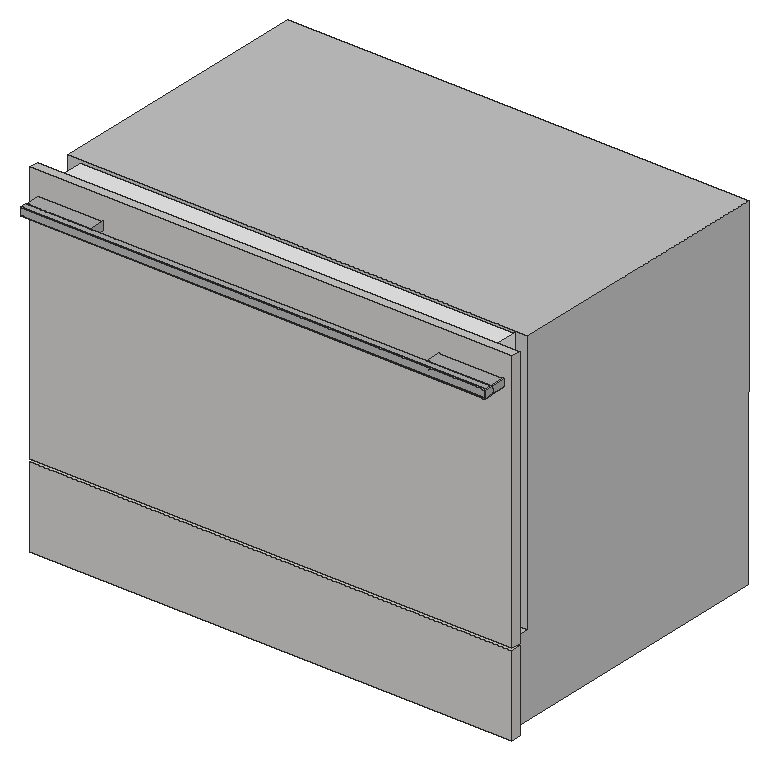
Revit family "FP-Revit20-en-RB36S25MKIWN1-Cooldrawer-0-9000XXXXA-US-CA", category Specialty Equipment, Revit 2020
Family settings
  Round Connector Dimension = Use Diameter
  Part Type = Normal
  Work Plane-Based = No
  Always vertical = Yes
  Cut with Voids When Loaded = Yes
  Shared = No
  Room Calculation Point = No
Parameters (values of type "RB36S25MKIWN1 with F&P door panel kit")
  Visibility - F&P contemporary square fine handle = no
  Visibility - F&P contemporary square fine black handle = no
  Visibility - Custom drawer panel (single) = no
  Visibility - F&P stainless door panel kit 840545 = no
  Visibility - F&P contemporary square handle = yes
  Visibility - Custom drawer panel (dual) = yes
  Visibility - F&P Contemporary round handle = no
  Visibility - Clearance Required = yes
  URL = "www.fisherpaykel.com"
  Product - Width = 855.0 mm  # constant formula
  Product - Height = 640.0 mm  # constant formula
  Product - Depth = 557.0 mm  # constant formula
  Drawer Panel Offset (distane below base of cooldrawer, max 30mm) [instance] = 0.0 mm
  Material - Trim = Fisher & Paykel - Stainless Steel
  Material - Structure = Fisher & Paykel - White
  Material - Door Panel [instance] = Fisher & Paykel - Stainless Steel
  Material - Body = Fisher & Paykel - Grey
  Manufacturer = "Fisher&Paykel"
  Handle Mounting Hole Height [instance] = 590.0 mm
  Drawer Panel - Width = 896.0 mm  # constant formula
  Drawer Panel Height (for single custom panel, min 630mm) [instance] = 640.0 mm
  Drawer Panel Height (for dual custom panels, min 476mm) [instance] = 486.0 mm
  Drawer Panel Thickness (16mm - 20mm) [instance] = 18.0 mm
  Description = "36\" Series 9 Integrated Cooldrawer™"
  Model = "RB36S25MKIWN1"
  Default Elevation = 0.0 mm
  Connector Description - Electrical = "110 V, 60 Hz, 186 W"
  Chassis - Width = 855.0 mm  # constant formula
  Chassis - Height = 640.0 mm  # constant formula
  Chassis - Depth = 557.0 mm  # constant formula
  Cavity - Width = 864.0 mm  # constant formula
  Cavity - Height = 644.0 mm  # constant formula
  Cavity - Depth = 560.0 mm  # constant formula
  FFL Offset [instance] = 86.0 mm
Types (4, lengths in mm): name | Visibility - Custom drawer panel (single) | Visibility - F&P contemporary square handle | Visibility - Custom drawer panel (dual) | Material - Trim | Material - Door Panel | Handle Mounting Hole Height | Drawer Panel Height (for single custom panel, min 630mm) | Drawer Panel Height (for dual custom panels, min 476mm)
  RB36S25MKIWN1 with custom drawer panel (dual) | no | yes | yes | Fisher & Paykel - Stainless Steel | Fisher & Paykel - Stainless Steel | 590.0 | 640.0 | 486.0
  RB36S25MKIWN1 with custom drawer panel (single) | yes | no | no | Fisher & Paykel - Stainless Steel | Fisher & Paykel - White | 590.0 | 630.0 | 476.0
  RB36S25MKIWN1 | no | no | no | Fisher & Paykel - White | Fisher & Paykel - Stainless Steel | 582.0 | 630.0 | 476.0
  RB36S25MKIWN1 with F&P door panel kit | no | yes | yes | Fisher & Paykel - Stainless Steel | Fisher & Paykel - Stainless Steel | 590.0 | 640.0 | 486.0
Reference planes
  plane 1 "Datum": y = 0
  plane 2: z = 0
  plane 3 "Center (Left/Right)": x = 0
  plane 4 "Product - Depth": y = 557
  plane 5: x = -427.5
  plane 6: x = 427.5
  plane 7 "Chassis - Height": z = 726
  plane 8 "Door LHS": x = -448
  plane 9 "Door RHS": x = 448
  plane 10 "Cavity - Depth": y = 560
  plane 11 "Cavity - Height": z = 730
  plane 12 "Cavity - LHS": x = -432
  plane 13 "Cavity - RHS": x = 432
  plane 14 "Chassis": y = 45
  plane 15 "Door Panel": y = -18
  plane 16 "FFL Offset": z = 86
  plane 17 "Door Panel - Bottom": z = 240
  plane 18 "False Panel - Top": z = 236
  plane 19 "False Panel - Bottom": z = 86
  plane 20 "Handle Height": z = 676
Forms (mm)
  Extrusion 1, solid, material "Fisher & Paykel - Grey" <- "Material - Body"
    sketch origin (0, 0, 0) x (0, 1, 0) y (0, 0, 1)
      loop
        line (557, 86) -> (557, 726) -> (45, 726) -> (45, 236) -> (0, 236) -> (0, 86) -> (557, 86)
    from -427.5 to 427.5
  Extrusion 2, solid, material "Fisher & Paykel - Grey" <- "Material - Body", detail levels medium+fine
    sketch origin (-475.075, 0, -148.233) x (1, 0, 0) y (0, 0, 1)
      loop
        circle (287.575, 314.233) r 5
    from -557 to -560
  Extrusion 3, solid, material "Fisher & Paykel - White" <- "Material - Structure", detail levels medium+fine
    sketch origin (0, 0, 0) x (1, 0, 0) y (0, 0, 1)
      loop
        line (-402.5, 273) -> (-401.5, 273) -> (-401.5, 718) -> (401.5, 718) -> (401.5, 273) -> (402.5, 273) -> (402.5, 721) -> (-402.5, 721) -> (-402.5, 273)
    from -45 to 0
  Extrusion 4, solid, material "Fisher & Paykel - White" <- "Material - Structure"
    sketch origin (0, 0, 0) x (1, 0, 0) y (0, 0, 1)
      loop
        line (-401.5, 718) -> (-401.5, 273) -> (401.5, 273) -> (401.5, 718) -> (-401.5, 718)
    from -45 to -9
  Extrusion 5, solid, material "Fisher & Paykel - White" <- "Material - Structure", detail levels medium+fine
    sketch origin (0, 0, 0) x (1, 0, 0) y (0, 0, 1)
      loop
        line (-381.5, 673) -> (-381.5, 293) -> (381.5, 293) -> (381.5, 673) -> (-381.5, 673)
    from -9 to 0
  Extrusion 6, solid, material "Fisher & Paykel - Stainless Steel" <- "Material - Trim", detail levels medium+fine
    sketch origin (0, 0, 0) x (1, 0, 0) y (0, 0, 1)
      loop
        line (-379, 678.5) -> (-349, 678.5) -> (-349, 687.5)
        arc (-349, 687.5) -> (-350.757, 691.743) -> (-355, 693.5) r 6
        line (-355, 693.5) -> (-373, 693.5)
        arc (-373, 693.5) -> (-377.243, 691.743) -> (-379, 687.5) r 6
        line (-379, 687.5) -> (-379, 678.5)
      loop
        circle (-373, 687.5) r 2.5
      loop
        circle (-355, 687.5) r 2.5
      loop
        line (349, 678.5) -> (379, 678.5) -> (379, 687.5)
        arc (379, 687.5) -> (377.243, 691.743) -> (373, 693.5) r 6
        line (373, 693.5) -> (355, 693.5)
        arc (355, 693.5) -> (350.757, 691.743) -> (349, 687.5) r 6
        line (349, 687.5) -> (349, 678.5)
      loop
        circle (355, 687.5) r 2.5
      loop
        circle (373, 687.5) r 2.5
      loop
        line (-15, 287.5) -> (-15, 278.5)
        arc (-15, 278.5) -> (-13.243, 274.257) -> (-9, 272.5) r 6
        line (-9, 272.5) -> (9, 272.5)
        arc (9, 272.5) -> (13.243, 274.257) -> (15, 278.5) r 6
        line (15, 278.5) -> (15, 287.5) -> (-15, 287.5)
      loop
        circle (-9, 278.5) r 2.5
      loop
        circle (9, 278.5) r 2.5
    from -2.5 to 0
  Extrusion 7, solid, material "Fisher & Paykel - Stainless Steel" <- "Material - Trim", detail levels fine
    sketch origin (0, 0, 0) x (1, 0, 0) y (0, 1, 0)
      loop
        circle (-364.272, 4.531) r 2.497
      loop
        circle (364.512, 4.531) r 2.497
    from 673 to 678.5
  Extrusion 8, solid, material "Fisher & Paykel - Stainless Steel" <- "Material - Trim", detail levels fine
    sketch origin (0, 0, 0) x (1, 0, 0) y (0, 1, 0)
      loop
        circle (0, 5.242) r 2.5
    from 287.5 to 293
  Extrusion 9, solid, material "Fisher & Paykel - Clearance Required", visible <- "Visibility - Clearance Required", detail levels coarse
    sketch origin (0, 17.997, -93.995) x (0, 1, 0) y (0, 0, 1)
      loop
        line (-17.997, 836.995) -> (-537.997, 836.995) -> (-537.997, 777.995) -> (-578.997, 777.995) -> (-578.997, 761.994) -> (-537.997, 761.994) -> (-537.997, 179.995) -> (-17.997, 179.995) -> (-17.997, 836.995)
    from -450 to 450
  Extrusion 10, solid, material "Fisher & Paykel - Clearance Required", visible <- "Visibility - Clearance Required", detail levels coarse
    sketch origin (0, 0, 0) x (0, 1, 0) y (0, 0, 1)
      loop
        line (0, 730) -> (0, 86) -> (560, 86) -> (560, 730) -> (0, 730)
    from -432 to 432
  Extrusion 11, solid, material "Fisher & Paykel - Stainless Steel" <- "Material - Door Panel", visible <- "Visibility - Custom drawer panel (dual)"
    sketch origin (0, 0, 0) x (0, 1, 0) y (0, 0, 1)
      loop
        line (-18, 726) -> (-18, 240) -> (0, 240) -> (0, 726) -> (-18, 726)
    from -448 to 448
  Extrusion 12, solid, material "Fisher & Paykel - Grey" <- "Material - Body", detail levels fine
    sketch origin (0, 0, 0) x (0, 1, 0) y (0, 0, 1)
      loop
        line (2.5, 287.5) -> (2.5, 284.493) -> (8.055, 284.493) -> (8.055, 287.5) -> (2.5, 287.5)
    from -15 to 15
  Extrusion 13, solid, material "Fisher & Paykel - Grey" <- "Material - Body", detail levels fine
    sketch origin (0, 0, 0) x (0, 1, 0) y (0, 0, 1)
      loop
        line (2.5, 681.5) -> (2.5, 678.5) -> (8.055, 678.5) -> (8.055, 681.5) -> (2.5, 681.5)
    from 349 to 379
  Extrusion 14, solid, material "Fisher & Paykel - Grey" <- "Material - Body", detail levels fine
    sketch origin (0, 0, 0) x (0, 1, 0) y (0, 0, -1)
      loop
        line (2.5, -681.5) -> (8.055, -681.5) -> (8.055, -678.5) -> (2.5, -678.5) -> (2.5, -681.5)
    from 349 to 379
  Extrusion 15, solid, material "Fisher & Paykel - Stainless Steel" <- "Material - Door Panel", visible <- "Visibility - Custom drawer panel (dual)"
    sketch origin (0, 0, 0) x (0, 1, 0) y (0, 0, 1)
      loop
        line (-18, 236) -> (-18, 86) -> (0, 86) -> (0, 236) -> (-18, 236)
    from -448 to 448
  Extrusion 16, void
    sketch origin (0, 0, 0) x (0, 1, 0) y (0, 0, 1)
      loop
        line (-18, 743) -> (-18, 86) -> (0, 86) -> (0, 743) -> (-18, 743)
    from -450 to 450
  Extrusion 17, void
    sketch origin (0, 0, 0) x (0, 1, 0) y (0, 0, 1)
      loop
        line (0, 730) -> (0, 86) -> (560, 86) -> (560, 730) -> (0, 730)
    from -432 to 432
  Extrusion 18, solid, material "Fisher & Paykel - Stainless Steel" <- "Material - Door Panel", visible <- "Visibility - Custom drawer panel (single)"
    sketch origin (0, 0, 0) x (0, 1, 0) y (0, 0, 1)
      loop
        line (-18, 726) -> (-18, 86) -> (0, 86) -> (0, 726) -> (-18, 726)
    from -448 to 448
  Extrusion 19, solid, material "Fisher & Paykel - Stainless Steel" <- "Material - Door Panel", visible <- "Visibility - F&P stainless door panel kit 840545"
    sketch origin (0, 0, 146.144) x (0, 1, 0) y (0, 0, 1)
      loop
        line (-18, 594.856) -> (-18, 118.856) -> (0, 118.856) -> (0, 594.856) -> (-18, 594.856)
    from -448 to 448
Dimensions and locks
  "Product - Width": plane 5 to plane 6
  plane 8 "Door LHS" to plane 5 = 20.5 mm
  plane 9 "Door RHS" to plane 6 = 20.5 mm
  equal spacing: plane 12 "Cavity - LHS", plane 3 "Center (Left/Right)", plane 13 "Cavity - RHS"
  "Cavity - Width": plane 12 "Cavity - LHS" to plane 13 "Cavity - RHS"
  equal spacing: Extrusion 9, plane 3 "Center (Left/Right)", Extrusion 9
  Extrusion 9 to Extrusion 9 = 900.0 mm
  equal spacing: plane 5, plane 3 "Center (Left/Right)", plane 6
  equal spacing: plane 8 "Door LHS", plane 3 "Center (Left/Right)", plane 9 "Door RHS"
  "FFL Offset": plane 16 "FFL Offset" to plane 2
  "Chassis - Height": plane 16 "FFL Offset" to plane 7 "Chassis - Height"
  locked: Extrusion 1 to plane 16 "FFL Offset" at 150
  locked: plane 16 "FFL Offset" to Extrusion 2 sketch curve at 80
  locked: plane 7 "Chassis - Height" to Extrusion 5 at 53
  "Cavity - Height": plane 11 "Cavity - Height" to plane 16 "FFL Offset"
  "Drawer Panel - Width": plane 8 "Door LHS" to plane 9 "Door RHS"
  locked: Extrusion 9 to plane 8 "Door LHS" at 2
  locked: Extrusion 3 sketch curve to plane 7 "Chassis - Height" at 5
  locked: Extrusion 4 to plane 7 "Chassis - Height" at 8
  locked: plane 16 "FFL Offset" to Extrusion 3 sketch curve at 187  (x2)
  locked: Extrusion 13 to Extrusion 13 at 3
  locked: Extrusion 12 to Extrusion 12 at 3.007
  locked: Extrusion 12 to plane 16 "FFL Offset" at 201.5
  Extrusion 14 to plane 16 "FFL Offset" = 592.5 mm
  locked: Extrusion 5 to plane 16 "FFL Offset" at 207
  "Drawer Panel Thickness (16mm - 20mm)": plane 15 "Door Panel" to plane 1 "Datum"
  "Chassis - Depth": plane 1 "Datum" to plane 4 "Product - Depth"
  "Cavity - Depth": plane 1 "Datum" to plane 10 "Cavity - Depth"
  locked: plane 18 "False Panel - Top" to plane 17 "Door Panel - Bottom" at 4
  locked: Extrusion 6 to plane 7 "Chassis - Height" at 47.5
  "Drawer Panel Offset (distane below base of cooldrawer, max 30mm)": plane 16 "FFL Offset" to plane 19 "False Panel - Bottom"
  Extrusion 18 to plane 19 "False Panel - Bottom" = 640.0 mm
  locked: plane 18 "False Panel - Top" to plane 16 "FFL Offset" at 150
  locked: Extrusion 19 to plane 16 "FFL Offset" at 179
  locked: Extrusion 19 to Extrusion 19 at 476
  locked: Extrusion 9 to Extrusion 19 at 2
  "Drawer Panel Height (for dual custom panels, min 476mm)": plane 17 "Door Panel - Bottom" to Extrusion 11
  "Handle Mounting Hole Height": plane 20 "Handle Height" to plane 16 "FFL Offset"
  locked: Extrusion 9 sketch curve to plane 20 "Handle Height" at 8
  locked: plane 20 "Handle Height" to Extrusion 9 sketch curve at 8.001
  locked: nested 4 to plane 20 "Handle Height" at 8
  aligned and locked: plane 2 to level
  aligned and locked: plane 4 "Product - Depth" to Extrusion 1 sketch curve
  aligned and locked: Extrusion 1 to plane 6
  aligned and locked: plane 5 to Extrusion 1
  aligned and locked: Extrusion 2 to plane 4 "Product - Depth"
  aligned and locked: Extrusion 10 sketch curve to plane 10 "Cavity - Depth"
  aligned and locked: Extrusion 11 to plane 9 "Door RHS"
  aligned and locked: Extrusion 11 to plane 8 "Door LHS"
  aligned and locked: plane 10 "Cavity - Depth" to Extrusion 2
  aligned and locked: plane 4 "Product - Depth" to Extrusion 1
  aligned and locked: Extrusion 9 to plane 1 "Datum"
  aligned and locked: plane 14 "Chassis" to Extrusion 1
  aligned and locked: plane 15 "Door Panel" to Extrusion 11
  aligned and locked: plane 1 "Datum" to Extrusion 6
  aligned and locked: plane 16 "FFL Offset" to Extrusion 1
  aligned and locked: Extrusion 3 to Extrusion 4  (x2)
  aligned and locked: Extrusion 1 to plane 7 "Chassis - Height"
  aligned and locked: Extrusion 7 to Extrusion 5
  aligned and locked: Extrusion 7 to Extrusion 6
  aligned and locked: Extrusion 10 to plane 16 "FFL Offset"
  aligned and locked: plane 11 "Cavity - Height" to Extrusion 10
  aligned and locked: Extrusion 6 sketch curve to Extrusion 6 sketch curve
  aligned and locked: Extrusion 6 to Extrusion 13  (x3)
  aligned and locked: Extrusion 6 to Extrusion 12
  aligned and locked: Extrusion 12 to Extrusion 6  (x2)
  aligned and locked: Extrusion 6 to Extrusion 14  (x3)
  aligned and locked: Extrusion 6 to Extrusion 6
  aligned and locked: Extrusion 9 to Extrusion 9
  aligned and locked: Extrusion 11 to Extrusion 15
  aligned and locked: Extrusion 15 to plane 1 "Datum"
  aligned and locked: plane 17 "Door Panel - Bottom" to Extrusion 11
  aligned and locked: plane 18 "False Panel - Top" to Extrusion 15
  aligned and locked: plane 19 "False Panel - Bottom" to Extrusion 15
  aligned and locked: Extrusion 9 to plane 19 "False Panel - Bottom"
  aligned and locked: Extrusion 15 to Extrusion 11  (x2)
  aligned and locked: Extrusion 8 to Extrusion 5
  aligned and locked: Extrusion 6 to Extrusion 8
  aligned and locked: plane 16 "FFL Offset" to Extrusion 17 sketch curve
  aligned and locked: Extrusion 17 sketch curve to plane 10 "Cavity - Depth"
  aligned and locked: Extrusion 17 sketch curve to plane 11 "Cavity - Height"
  aligned and locked: Extrusion 17 sketch curve to plane 1 "Datum"
  aligned and locked: plane 13 "Cavity - RHS" to Extrusion 17
  aligned and locked: Extrusion 17 to plane 12 "Cavity - LHS"
  aligned and locked: plane 15 "Door Panel" to Extrusion 18 sketch curve
  aligned and locked: plane 1 "Datum" to Extrusion 18 sketch curve
  aligned and locked: Extrusion 18 to plane 9 "Door RHS"
  aligned and locked: Extrusion 18 to plane 8 "Door LHS"
  aligned and locked: Extrusion 18 to plane 19 "False Panel - Bottom"
  aligned and locked: Extrusion 16 to plane 19 "False Panel - Bottom"
  aligned and locked: plane 15 "Door Panel" to Extrusion 19 sketch curve
  aligned and locked: plane 1 "Datum" to Extrusion 19 sketch curve
  aligned and locked: Extrusion 19 to plane 9 "Door RHS"
  aligned and locked: Extrusion 19 to plane 8 "Door LHS"
  aligned and locked: Extrusion 18 to plane 7 "Chassis - Height"
Automatic sketch dimensions
  plane 7 "Chassis - Height" to Extrusion 1 sketch curve = 0.0 mm
  Extrusion 1 sketch curve to plane 14 "Chassis" = 0.0 mm
  Extrusion 1 sketch curve to plane 16 "FFL Offset" = 0.0 mm
  plane 16 "FFL Offset" to Extrusion 1 sketch curve = 150.0 mm
  Extrusion 2 sketch curve to plane 3 "Center (Left/Right)" = 187.5 mm
  Extrusion 3 sketch curve to plane 5 = 25.0 mm
  Extrusion 3 sketch curve to Extrusion 3 sketch curve = 1.0 mm  (x2)
  plane 6 to Extrusion 3 sketch curve = 26.0 mm
  Extrusion 3 sketch curve to Extrusion 3 sketch curve = 3.0 mm
  Extrusion 4 sketch curve to plane 5 = 26.0 mm
  plane 7 "Chassis - Height" to Extrusion 4 sketch curve = 8.0 mm
  plane 6 to Extrusion 4 sketch curve = 26.0 mm
  plane 16 "FFL Offset" to Extrusion 4 sketch curve = 187.0 mm
  Extrusion 5 sketch curve to plane 5 = 46.0 mm
  plane 6 to Extrusion 5 sketch curve = 46.0 mm
  plane 16 "FFL Offset" to Extrusion 5 sketch curve = 207.0 mm
  Extrusion 6 sketch curve to Extrusion 6 sketch curve = 0.0 mm  (x16)
  Extrusion 6 sketch curve to plane 5 = 48.5 mm
  Extrusion 6 sketch curve to Extrusion 6 sketch curve = 6.0 mm  (x6)
  Extrusion 6 sketch curve to Extrusion 6 sketch curve = 18.0 mm  (x2)
  Extrusion 6 sketch curve to plane 3 "Center (Left/Right)" = 15.0 mm
  plane 3 "Center (Left/Right)" to Extrusion 6 sketch curve = 9.0 mm
  plane 6 to Extrusion 6 sketch curve = 78.5 mm
  plane 16 "FFL Offset" to Extrusion 6 sketch curve = 201.5 mm
  Extrusion 6 sketch curve to Extrusion 6 sketch curve = 9.0 mm  (x2)
  Extrusion 7 sketch curve to plane 1 "Datum" = 4.531 mm  (x2)
  Extrusion 7 sketch curve to plane 5 = 63.228 mm
  plane 6 to Extrusion 7 sketch curve = 62.988 mm
  Extrusion 8 sketch curve to plane 3 "Center (Left/Right)" = 0.0 mm
  Extrusion 8 sketch curve to plane 1 "Datum" = 5.242 mm
  Extrusion 10 sketch curve to plane 1 "Datum" = 0.0 mm
  Extrusion 10 sketch curve to plane 16 "FFL Offset" = 0.0 mm
  Extrusion 10 sketch curve to plane 11 "Cavity - Height" = 0.0 mm
  Extrusion 11 sketch curve to plane 15 "Door Panel" = 0.0 mm
  Extrusion 11 sketch curve to plane 1 "Datum" = 0.0 mm
  plane 16 "FFL Offset" to Extrusion 11 sketch curve = 154.0 mm
  Extrusion 12 sketch curve to plane 1 "Datum" = 2.5 mm
  Extrusion 12 sketch curve to Extrusion 12 sketch curve = 5.555 mm
  plane 16 "FFL Offset" to Extrusion 12 sketch curve = 198.493 mm
  Extrusion 12 sketch curve to Extrusion 12 sketch curve = 3.007 mm
  Extrusion 13 sketch curve to plane 1 "Datum" = 2.5 mm
  Extrusion 13 sketch curve to Extrusion 13 sketch curve = 5.555 mm
  Extrusion 13 sketch curve to Extrusion 13 sketch curve = 3.0 mm
  Extrusion 14 sketch curve to plane 1 "Datum" = 2.5 mm
  Extrusion 14 sketch curve to Extrusion 14 sketch curve = 5.555 mm
  Extrusion 14 sketch curve to Extrusion 14 sketch curve = 3.0 mm
  Extrusion 15 sketch curve to plane 15 "Door Panel" = 0.0 mm
  Extrusion 15 sketch curve to plane 1 "Datum" = 0.0 mm
  plane 16 "FFL Offset" to Extrusion 15 sketch curve = 0.0 mm
  Extrusion 15 sketch curve to Extrusion 15 sketch curve = 150.0 mm
  Extrusion 1 sketch curve to plane 1 "Datum" = 0.0 mm
  Extrusion 11 sketch curve to plane 11 "Cavity - Height" = 4.0 mm
  level to Extrusion 18 sketch curve = 86.0 mm
  Extrusion 16 sketch curve to plane 15 "Door Panel" = 0.0 mm
  level to Extrusion 16 sketch curve = 86.0 mm
  Extrusion 16 sketch curve to plane 1 "Datum" = 0.0 mm
  plane 16 "FFL Offset" to Extrusion 19 sketch curve = 179.0 mm
  plane 11 "Cavity - Height" to Extrusion 19 sketch curve = 11.0 mm
  plane 16 "FFL Offset" to Extrusion 9 sketch curve = 0.0 mm
  Extrusion 9 sketch curve to plane 1 "Datum" = 0.0 mm
  Extrusion 9 sketch curve to plane 15 "Door Panel" = 502.0 mm
  Extrusion 9 sketch curve to Extrusion 9 sketch curve = 0.0 mm
  Extrusion 9 sketch curve to Extrusion 9 sketch curve = 41.0 mm
  plane 11 "Cavity - Height" to Extrusion 16 sketch curve = 13.0 mm
  plane 11 "Cavity - Height" to Extrusion 9 sketch curve = 13.0 mm
  plane 7 "Chassis - Height" to Extrusion 18 sketch curve = 0.0 mm
  plane 7 "Chassis - Height" to Extrusion 5 sketch curve = 53.0 mm
  plane 7 "Chassis - Height" to Extrusion 6 sketch curve = 47.5 mm  (x2)
  plane 7 "Chassis - Height" to Extrusion 13 sketch curve = 47.5 mm
  plane 7 "Chassis - Height" to Extrusion 14 sketch curve = 44.5 mm
  radius of Extrusion 2 sketch curve = 5.0 mm
  radius of Extrusion 6 sketch curve = 2.5 mm  (x6)
  radius of Extrusion 7 sketch curve = 2.497 mm  (x2)
  radius of Extrusion 8 sketch curve = 2.5 mm
Nested families
  nested 1: "F&P Handle Kit - Contemporary Round - Horizontal" at (0, -18, 676), visible <- "Visibility - F&P Contemporary round handle", type "25330 AHS-RB90S - Contemporary round handle"
  nested 2: "F&P Handle Kit - Contemporary Square - Horizontal" at (0, -18, 676.022), visible <- "Visibility - F&P contemporary square handle", type "25631 AHD3RB90S - Contemporary square handle"
    with Handle - Length 866.0 mm
  nested 3: "F&P Handle Kit - Contemporary Square Fine - Horizontal" at (0, -18, 676.022), visible <- "Visibility - F&P contemporary square fine black handle", type "25905 AHD5RD90SB - Contemporary square fine black handle"
  nested 4: "F&P Handle Kit - Contemporary Square Fine - Horizontal" at (0, -18, 676.022), visible <- "Visibility - F&P contemporary square fine handle", type "25860 AHD5RD36S - Contemporary square fine handle"
  nested 5: "F&P Handle Kit - Contemporary Round - Horizontal" at (0, -18, 668), visible <- "Visibility - F&P Contemporary round handle", type "25330 AHS-RB90S - Contemporary round handle", not visible
  nested 6: "F&P Handle Kit - Contemporary Square - Horizontal" at (0, -18, 668.022), visible <- "Visibility - F&P contemporary square handle", type "25631 AHD3RB90S - Contemporary square handle", not visible
    with Handle - Length 866.0 mm
  nested 7: "F&P Handle Kit - Contemporary Square Fine - Horizontal" at (0, -18, 668.022), visible <- "Visibility - F&P contemporary square fine black handle", type "25905 AHD5RD90SB - Contemporary square fine black handle", not visible
  nested 8: "F&P Handle Kit - Contemporary Square Fine - Horizontal" at (0, -18, 668.022), visible <- "Visibility - F&P contemporary square fine handle", type "25860 AHD5RD36S - Contemporary square fine handle", not visible
Connectors
  electrical at (-187.5, 560, 166), driven by "Connector Description - Electrical"
    settings: on Extrusion 2, index 1, voltage 110 V, apparent load 0 VA, apparent load phase1 0 VA, apparent load phase2 0 VA, apparent load phase3 0 VA, power factor 1, load classification "Other", number of poles 1, system type 30, power factor state 1, is connector primary yes, connector utility no, sub classification motor no, connector description "110 V, 60 Hz, 186 W"
Definition of nested family "F&P Handle Kit - Contemporary Round - Horizontal"
  Parameters (values of type "25330 AHS-RB90S - Contemporary round handle")
    URL = "www.fisherpaykel.com"
    Product - Width = 866.0 mm
    Model = ""
    Material - Handle = none
    Manufacturer = "Fisher & Paykel Appliances"
    Description = "Kit for Cooldrawer"
    Default Elevation = 0.0 mm
  Reference planes
    plane 1 "Center (Front/Back)": y = 0
    plane 2: z = 0
    plane 3 "Center (Left/Right)": x = 0
    plane 4 "Product LHS": x = -433
    plane 5 "Product RHS": x = 433
    plane 6 "LHS Standoff": x = -312.995
    plane 7 "RHS Standoff": x = 313.005
  Forms (mm)
    Extrusion 1, solid, material <- "Material - Handle"
      sketch origin (0, 0, 0) x (0, 1, 0) y (0, 0, 1)
        loop
          circle (-32.3, 0) r 8.7
      from -312.995 to 313.005
    Extrusion 2, solid, material <- "Material - Handle", detail levels fine
      sketch origin (0, 0, 0) x (0, 1, 0) y (0, 0, 1)
        loop
          line (0, 8.7) -> (-32.3, 8.7)
          arc (-32.3, 8.7) -> (-41, 0) -> (-32.3, -8.7) r 8.7
          line (-32.3, -8.7) -> (0, -8.7) -> (0, 8.7)
      from 313.005 to 433
    Extrusion 3, solid, material <- "Material - Handle", detail levels fine
      sketch origin (0, 0, 0) x (0, 1, 0) y (0, 0, -1)
        loop
          line (0, -8.7) -> (0, 8.7) -> (-32.3, 8.7)
          arc (-32.3, 8.7) -> (-41, 0) -> (-32.3, -8.7) r 8.7
          line (-32.3, -8.7) -> (0, -8.7)
      from 312.995 to 433
    Sweep 4, void
      path in 3D
        loop
          line (433, 0, 8.7) -> (433, -32.3, 8.7)
          arc (433, -32.3, 8.7) -> (433, -41, 0) -> (433, -32.3, -8.7) r 8.7
          line (433, -32.3, -8.7) -> (433, 0, -8.7)
      profile origin (433, -16.15, 8.7) x (1, 0, 0) y (0, 0, 1)
        loop
          line (0, 0) -> (-1, 0) -> (0, -1) -> (0, 0)
    Sweep 5, void
      path in 3D
        loop
          line (-433, 0, -8.7) -> (-433, -32.3, -8.7)
          arc (-433, -32.3, -8.7) -> (-433, -41, 0) -> (-433, -32.3, 8.7) r 8.7
          line (-433, -32.3, 8.7) -> (-433, 0, 8.7)
      profile origin (-433, -16.15, 8.7) x (-1, 0, 0) y (0, 0, 1)
        loop
          line (0, 0) -> (-1, 0) -> (0, -1) -> (0, 0)
    Extrusion 6, solid, material <- "Material - Handle", detail levels coarse+medium
      sketch origin (0, 0, 0) x (0, 1, 0) y (0, 0, 1)
        loop
          line (0, 8.7) -> (-32.3, 8.7)
          arc (-32.3, 8.7) -> (-41, 0) -> (-32.3, -8.7) r 8.7
          line (-32.3, -8.7) -> (0, -8.7) -> (0, 8.7)
      from 313.005 to 433
    Extrusion 7, solid, material <- "Material - Handle", detail levels coarse+medium
      sketch origin (0, 0, 0) x (0, 1, 0) y (0, 0, -1)
        loop
          line (0, -8.7) -> (0, 8.7) -> (-32.3, 8.7)
          arc (-32.3, 8.7) -> (-41, 0) -> (-32.3, -8.7) r 8.7
          line (-32.3, -8.7) -> (0, -8.7)
      from 312.995 to 433
  Cuts and joins
    Sweep 4 cuts Extrusion 2
    Sweep 5 cuts Extrusion 3
  Lines and regions (mm)
    sketch lines
      curve 1: line (433, 0, 8.7) -> (433, -32.3, 8.7)
      curve 2: arc (433, -32.3, -8.7) -> (433, -41, 0) -> (433, -32.3, 8.7) r 8.7
      curve 3: line (433, -32.3, -8.7) -> (433, 0, -8.7)
      curve 4: line (-433, -32.3, 8.7) -> (-433, 0, 8.7)
      curve 5: arc (-433, -32.3, 8.7) -> (-433, -41, 0) -> (-433, -32.3, -8.7) r 8.7
      curve 6: line (-433, 0, -8.7) -> (-433, -32.3, -8.7)
  Dimensions and locks
    equal spacing: plane 4 "Product LHS", plane 3 "Center (Left/Right)", plane 5 "Product RHS"
    "Product - Width": plane 4 "Product LHS" to plane 5 "Product RHS"
    locked: plane 4 "Product LHS" to plane 6 "LHS Standoff" at 120.005
    locked: plane 7 "RHS Standoff" to plane 5 "Product RHS" at 119.995
    equal spacing: Extrusion 2 sketch curve, level, Extrusion 2 sketch curve
    Extrusion 3 sketch curve to Extrusion 3 sketch curve = 17.4 mm
    Extrusion 6 sketch curve to Extrusion 6 sketch curve = 17.4 mm
    Extrusion 7 sketch curve to Extrusion 7 sketch curve = 17.4 mm
    aligned and locked: level to plane 2
    aligned and locked: plane 7 "RHS Standoff" to Extrusion 1
    aligned and locked: Extrusion 2 to Extrusion 1
    aligned and locked: Extrusion 2 to plane 5 "Product RHS"
    aligned and locked: plane 4 "Product LHS" to Extrusion 3
    aligned and locked: plane 6 "LHS Standoff" to Extrusion 3
    aligned and locked: Extrusion 1 to plane 6 "LHS Standoff"
    aligned and locked: Extrusion 6 to Extrusion 1
    aligned and locked: Extrusion 6 to plane 5 "Product RHS"
    aligned and locked: plane 4 "Product LHS" to Extrusion 7
    aligned and locked: Extrusion 7 to Extrusion 1
  Automatic sketch dimensions
    Extrusion 1 sketch curve to level = 0.0 mm
    plane 1 "Center (Front/Back)" to Extrusion 1 sketch curve = 32.3 mm
    Extrusion 2 sketch curve to plane 1 "Center (Front/Back)" = 0.0 mm
    Extrusion 2 sketch curve to level = 8.7 mm
    plane 1 "Center (Front/Back)" to Extrusion 2 sketch curve = 32.3 mm
    Extrusion 3 sketch curve to level = 0.0 mm
    Extrusion 3 sketch curve to plane 1 "Center (Front/Back)" = 0.0 mm
    Extrusion 3 sketch curve to level = 8.7 mm
    plane 1 "Center (Front/Back)" to Extrusion 3 sketch curve = 32.3 mm
    Sweep 4 sketch curve to profile plane = 0.0 mm
    profile plane to Sweep 4 sketch curve = 0.0 mm
    profile plane to Sweep 4 sketch curve = 1.0 mm
    Sweep 4 sketch curve to profile plane = 1.0 mm
    Sweep 5 sketch curve to profile plane = 0.0 mm  (x2)
    profile plane to Sweep 5 sketch curve = 1.0 mm
    Sweep 5 sketch curve to profile plane = 1.0 mm
    Extrusion 6 sketch curve to level = 0.0 mm
    level to Extrusion 6 sketch curve = 8.7 mm
    plane 1 "Center (Front/Back)" to Extrusion 6 sketch curve = 32.3 mm
    Extrusion 6 sketch curve to Extrusion 6 sketch curve = 32.3 mm
    Extrusion 7 sketch curve to level = 0.0 mm
    level to Extrusion 7 sketch curve = 8.7 mm
    plane 1 "Center (Front/Back)" to Extrusion 7 sketch curve = 32.3 mm
    Extrusion 7 sketch curve to Extrusion 7 sketch curve = 32.3 mm
    radius of Extrusion 1 sketch curve = 8.7 mm
Definition of nested family "F&P Handle Kit - Contemporary Square - Horizontal"
  Parameters (values of type "25668 AHD3RB90S US - Contemporary square handle")
    URL = "www.fisherpaykel.com"
    Material - Handle = none
    Manufacturer = "Fisher & Paykel Appliances"
    Handle - Length = 727.0 mm
    Description = ""
    Default Elevation = 0.0 mm
  Types (13, lengths in mm): name | Handle - Length
    AHD3RD2484W - Contemporary square handle (2 of 2) (Horizontal) 494mm | 494.0
    AHD3RD3084W - Contemporary square handle (2 of 2) (Horizontal) 646mm | 646.0
    AHD3RS3272A - Contemporary square handle (2 of 2) (Horizontal) 646mm | 646.0
    AHD3RS80A - Contemporary square handle (2 of 2) (Horizontal) 646mm | 646.0
    AHD3RD6121W - Contemporary square handle (2 of 2) (Horizontal) 494mm | 494.0
    AHD3RD7621W - Contemporary square handle (2 of 2) (Horizontal) 646mm | 646.0
    RS36A - Contemporary square handle (2 of 2) (Horizontal) 746mm | 746.0
    RS90A - Contemporary square handle (2 of 2) (Horizontal) 746mm | 746.0
    RS36W - Contemporary square handle (2 of 2) (Horizontal) 727mm | 727.0
    RS36WC - Contemporary square handle (2 of 2) (Horizontal) 727mm | 727.0
    RS91W - Contemporary square handle (2 of 2) (Horizontal) 727mm | 727.0
    25631 AHD3RB90S - Contemporary square handle | 727.0
    25668 AHD3RB90S US - Contemporary square handle | 727.0
  Reference planes
    plane 1 "Center (Front/Back)": y = 0
    plane 2: z = 0
    plane 3 "Center (Left/Right)": x = 0
    plane 4 "Product LHS": x = -363.5
    plane 5 "Product RHS": x = 363.5
    plane 6 "LHS Standoff": x = -243.495
    plane 7 "RHS Standoff": x = 243.505
  Forms (mm)
    Extrusion 1, solid, material <- "Material - Handle", detail levels fine
      sketch origin (0, 0, 0) x (0, 1, 0) y (0, 0, 1)
        loop
          arc (-28.701, 7.561) -> (-29.057, 7.868) -> (-29.514, 7.978) r 1
          line (-29.514, 7.978) -> (-40.5, 7.978)
          arc (-40.5, 7.978) -> (-41.561, 7.539) -> (-42, 6.478) r 1.5
          line (-42, 6.478) -> (-42, -6.522)
          arc (-42, -6.522) -> (-41.561, -7.583) -> (-40.5, -8.022) r 1.5
          line (-40.5, -8.022) -> (-29.487, -8.022)
          arc (-29.487, -8.022) -> (-29.029, -7.911) -> (-28.673, -7.602) r 1
          arc (-28.673, -7.602) -> (-26.256, -0.016) -> (-28.701, 7.561) r 13.038
      from -363.5 to 363.5
    Extrusion 2, solid, material <- "Material - Handle", detail levels fine
      sketch origin (0, 0, 0) x (0, 1, 0) y (0, 0, 1)
        loop
          arc (-28.23, 7.062) -> (-26.156, 0.008) -> (-28.198, -7.056) r 13.136
          arc (-28.198, -7.056) -> (-28.21, -7.463) -> (-27.86, -7.67) r 0.4
          line (-27.86, -7.67) -> (0, -7.67) -> (0, 7.678) -> (-27.893, 7.678)
          arc (-27.893, 7.678) -> (-28.244, 7.47) -> (-28.23, 7.062) r 0.4
      from 243.505 to 363.5
    Extrusion 3, solid, material <- "Material - Handle", detail levels fine
      sketch origin (0, 0, 0) x (0, 1, 0) y (0, 0, -1)
        loop
          arc (-28.23, -7.062) -> (-28.244, -7.47) -> (-27.893, -7.678) r 0.4
          line (-27.893, -7.678) -> (0, -7.678) -> (0, 7.67) -> (-27.86, 7.67)
          arc (-27.86, 7.67) -> (-28.21, 7.463) -> (-28.198, 7.056) r 0.4
          arc (-28.198, 7.056) -> (-26.156, -0.008) -> (-28.23, -7.062) r 13.136
      from 243.495 to 363.5
    Sweep 4, void
      path in 3D
        loop
          line (363.5, -29.514, 7.978) -> (363.5, -40.5, 7.978)
          arc (363.5, -40.5, 7.978) -> (363.5, -41.561, 7.539) -> (363.5, -42, 6.478) r 1.5
          line (363.5, -42, 6.478) -> (363.5, -42, -6.522)
          arc (363.5, -42, -6.522) -> (363.5, -41.561, -7.583) -> (363.5, -40.5, -8.022) r 1.5
          line (363.5, -40.5, -8.022) -> (363.5, -29.487, -8.022)
      profile origin (363.5, -35.007, 7.978) x (1, 0, 0) y (0, 0, 1)
        loop
          line (0, 0) -> (-1.3, 0) -> (0, -1.3) -> (0, 0)
    Sweep 5, void
      path in 3D
        loop
          line (-363.5, -29.487, -8.022) -> (-363.5, -40.5, -8.022)
          arc (-363.5, -40.5, -8.022) -> (-363.5, -41.561, -7.583) -> (-363.5, -42, -6.522) r 1.5
          line (-363.5, -42, -6.522) -> (-363.5, -42, 6.478)
          arc (-363.5, -42, 6.478) -> (-363.5, -41.561, 7.539) -> (-363.5, -40.5, 7.978) r 1.5
          line (-363.5, -40.5, 7.978) -> (-363.5, -29.514, 7.978)
      profile origin (-363.5, -35.007, 7.978) x (-1, 0, 0) y (0, 0, 1)
        loop
          line (0, 0) -> (-1.3, 0) -> (0, -1.3) -> (0, 0)
    Extrusion 6, void
      sketch origin (0, 0, 0) x (1, 0, 0) y (0, 0, 1)
        loop
          line (363.5, 7.978) -> (362.2, 7.978) -> (363.5, 6.678) -> (363.5, 7.978)
        loop
          line (363.5, -8.022) -> (363.5, -6.722) -> (362.2, -8.022) -> (363.5, -8.022)
      from 0 to 40
    Extrusion 7, void
      sketch origin (0, 0, 0) x (1, 0, 0) y (0, 0, 1)
        loop
          line (-363.5, 7.978) -> (-363.5, 6.678) -> (-362.2, 7.978) -> (-363.5, 7.978)
        loop
          line (-363.5, -8.022) -> (-362.2, -8.022) -> (-363.5, -6.722) -> (-363.5, -8.022)
      from 0 to 40
    Extrusion 8, solid, material <- "Material - Handle", detail levels coarse+medium
      sketch origin (0, 0, 0) x (1, 0, 0) y (0, 1, 0)
        loop
          line (-363.5, -42) -> (363.5, -42) -> (363.5, 0) -> (243.505, 0) -> (243.505, -26.156) -> (-243.495, -26.156) -> (-243.495, 0) -> (-363.5, 0) -> (-363.5, -42)
      from -8.022 to 7.978
  Cuts and joins
    Sweep 4, Sweep 5, Extrusion 6, Extrusion 7 cuts Extrusion 1
    Extrusion 6 cuts Extrusion 2
    Extrusion 7 cuts Extrusion 3
  Lines and regions (mm)
    sketch lines
      curve 1: line (363.5, -29.514, 7.978) -> (363.5, -40.5, 7.978)
      curve 2: arc (363.5, -42, 6.478) -> (363.5, -41.561, 7.539) -> (363.5, -40.5, 7.978) r 1.5
      curve 3: line (363.5, -42, 6.478) -> (363.5, -42, -6.522)
      curve 4: arc (363.5, -40.5, -8.022) -> (363.5, -41.561, -7.583) -> (363.5, -42, -6.522) r 1.5
      curve 5: line (363.5, -40.5, -8.022) -> (363.5, -29.487, -8.022)
      curve 6: line (-363.5, -40.5, 7.978) -> (-363.5, -29.514, 7.978)
      curve 7: arc (-363.5, -40.5, 7.978) -> (-363.5, -41.561, 7.539) -> (-363.5, -42, 6.478) r 1.5
      curve 8: line (-363.5, -42, -6.522) -> (-363.5, -42, 6.478)
      curve 9: arc (-363.5, -42, -6.522) -> (-363.5, -41.561, -7.583) -> (-363.5, -40.5, -8.022) r 1.5
      curve 10: line (-363.5, -29.487, -8.022) -> (-363.5, -40.5, -8.022)
  Dimensions and locks
    equal spacing: plane 4 "Product LHS", plane 3 "Center (Left/Right)", plane 5 "Product RHS"
    "Handle - Length": plane 4 "Product LHS" to plane 5 "Product RHS"
    locked: plane 4 "Product LHS" to plane 6 "LHS Standoff" at 120.005
    locked: plane 7 "RHS Standoff" to plane 5 "Product RHS" at 119.995
    aligned and locked: level to plane 2
    aligned and locked: Extrusion 1 to plane 5 "Product RHS"
    aligned and locked: plane 4 "Product LHS" to Extrusion 1
    aligned and locked: Extrusion 2 to plane 5 "Product RHS"
    aligned and locked: plane 4 "Product LHS" to Extrusion 3
    aligned and locked: plane 4 "Product LHS" to Extrusion 8 sketch curve
    aligned and locked: Extrusion 8 sketch curve to plane 5 "Product RHS"
    aligned and locked: Extrusion 8 sketch curve to plane 7 "RHS Standoff"
    aligned and locked: plane 6 "LHS Standoff" to Extrusion 8 sketch curve
    aligned and locked: Extrusion 2 to plane 7 "RHS Standoff"
    aligned and locked: plane 6 "LHS Standoff" to Extrusion 3
  Automatic sketch dimensions
    Extrusion 1 sketch curve to level = 6.522 mm
    plane 1 "Center (Front/Back)" to Extrusion 1 sketch curve = 42.0 mm
    Extrusion 1 sketch curve to Extrusion 1 sketch curve = 1.5 mm  (x2)
    Extrusion 1 sketch curve to level = 0.04 mm
    Extrusion 1 sketch curve to Extrusion 1 sketch curve = 1.206 mm
    level to Extrusion 1 sketch curve = 6.978 mm
    Extrusion 1 sketch curve to Extrusion 1 sketch curve = 10.986 mm
    Extrusion 1 sketch curve to Extrusion 1 sketch curve = 11.013 mm
    Extrusion 1 sketch curve to Extrusion 1 sketch curve = 1.0 mm
    level to Extrusion 1 sketch curve = 6.478 mm
    Extrusion 1 sketch curve to Extrusion 1 sketch curve = 0.0 mm
    Extrusion 2 sketch curve to plane 1 "Center (Front/Back)" = 0.0 mm
    Extrusion 2 sketch curve to level = 7.67 mm
    Extrusion 2 sketch curve to Extrusion 2 sketch curve = 27.86 mm
    level to Extrusion 2 sketch curve = 7.678 mm
    Extrusion 2 sketch curve to Extrusion 2 sketch curve = 0.033 mm
    Extrusion 2 sketch curve to level = 0.022 mm
    Extrusion 2 sketch curve to Extrusion 2 sketch curve = 11.398 mm
    Extrusion 2 sketch curve to Extrusion 2 sketch curve = 0.4 mm  (x2)
    Extrusion 2 sketch curve to Extrusion 2 sketch curve = 0.0 mm
    Extrusion 3 sketch curve to plane 1 "Center (Front/Back)" = 0.0 mm
    Extrusion 3 sketch curve to level = 7.67 mm
    Extrusion 3 sketch curve to Extrusion 3 sketch curve = 27.86 mm
    level to Extrusion 3 sketch curve = 7.678 mm
    Extrusion 3 sketch curve to Extrusion 3 sketch curve = 0.033 mm
    Extrusion 3 sketch curve to level = 0.022 mm
    Extrusion 3 sketch curve to Extrusion 3 sketch curve = 11.398 mm
    Extrusion 3 sketch curve to Extrusion 3 sketch curve = 0.4 mm  (x2)
    Extrusion 3 sketch curve to Extrusion 3 sketch curve = 0.0 mm
    profile plane to Sweep 4 sketch curve = 0.0 mm
    Sweep 4 sketch curve to profile plane = 0.0 mm
    Sweep 4 sketch curve to profile plane = 1.3 mm
    profile plane to Sweep 4 sketch curve = 1.3 mm
    Sweep 5 sketch curve to profile plane = 0.0 mm  (x2)
    profile plane to Sweep 5 sketch curve = 1.3 mm
    Sweep 5 sketch curve to profile plane = 1.3 mm
    plane 5 "Product RHS" to Extrusion 6 sketch curve = 0.0 mm  (x2)
    Extrusion 6 sketch curve to Extrusion 6 sketch curve = 1.3 mm  (x4)
    Extrusion 6 sketch curve to level = 6.722 mm
    level to Extrusion 6 sketch curve = 6.678 mm
    plane 4 "Product LHS" to Extrusion 7 sketch curve = 0.0 mm  (x2)
    Extrusion 7 sketch curve to plane 4 "Product LHS" = 1.3 mm  (x2)
    Extrusion 7 sketch curve to level = 8.022 mm
    level to Extrusion 7 sketch curve = 6.678 mm
    Extrusion 7 sketch curve to Extrusion 7 sketch curve = 1.3 mm  (x2)
    plane 1 "Center (Front/Back)" to Extrusion 8 sketch curve = 0.0 mm  (x2)
    Extrusion 8 sketch curve to Extrusion 8 sketch curve = 26.156 mm
    Extrusion 8 sketch curve to Extrusion 8 sketch curve = 42.0 mm
Definition of nested family "F&P Handle Kit - Contemporary Square Fine - Horizontal"
  Parameters (values of type "25860 AHD5RD36S - Contemporary square fine handle")
    URL = "www.fisherpaykel.com"
    Material - Handle = none
    Manufacturer = "Fisher & Paykel Appliances"
    Handle - Length = 866.0 mm
    Default Elevation = 0.0 mm
  Types (23, lengths in mm): name | Handle - Length
    (no name) | 866.0
    AHD5RD2484W - Contemporary square fine handle (2 of 2) (Horizontal) 494mm | 494.0
    AHD5RD2484WB - Contemporary square fine black handle (2 of 2) (Horizontal) 494mm | 494.0
    AHD5RD3084W - Contemporary square fine handle (2 of 2) (Horizontal) 646mm | 646.0
    AHD5RD3084WB - Contemporary square fine black handle (2 of 2) (Horizontal) 646mm | 646.0
    AHD5RD7621W - Contemporary square fine handle (2 of 2) (Horizontal) 646mm | 646.0
    AHD5RD7621WB - Contemporary square fine handle black (2 of 2) (Horizontal) 646mm | 646.0
    AHD5RD6121W - Contemporary square fine handle (2 of 2) (Horizontal) 494mm | 494.0
    AHD5RD6121WB - Contemporary square fine handle black (2 of 2) (Horizontal) 494mm | 494.0
    AHD5RD36A - Contemporary square fine handle (2 of 2) (Horizontal) 746mm | 746.0
    AHD5RD36AB - Contemporary square fine black handle (2 of 2) (Horizontal) 746mm | 746.0
    AHD5RD90A - Contemporary square fine handle (2 of 2) (Horizontal) 746mm | 746.0
    AHD5RD80A - Contemporary square fine handle (2 of 2) (Horizontal) 646mm | 646.0
    AHD5RD80AB - Contemporary square fine black handle (2 of 2) (Horizontal) 646mm | 646.0
    AHD5RD90AB - Contemporary square fine black handle (2 of 2) (Horizontal) 746mm | 746.0
    AHD5RD36W - Contemporary square fine handle (2 of 2) (Horizontal) 746mm | 746.0
    AHD5RD36WB - Contemporary square fine handle (2 of 2) (Horizontal) 746mm | 746.0
    AHD5RD9120W - Contemporary square fine handle (2 of 2) (Horizontal) 746mm | 746.0
    AHD5RD9120WB - Contemporary square fine handle (2 of 2) (Horizontal) 746mm | 746.0
    25905 AHD5RD90SB - Contemporary square fine black handle | 866.0
    25906 AHD5RD36SB - Contemporary square fine black handle | 866.0
    25861 AHD5RD36S - Contemporary square fine handle | 866.0
    25860 AHD5RD36S - Contemporary square fine handle | 866.0
  Reference planes
    plane 1 "Center (Front/Back)": y = 0
    plane 2: z = 0
    plane 3 "Center (Left/Right)": x = 0
    plane 4 "Product LHS": x = -433
    plane 5 "Product RHS": x = 433
    plane 6 "LHS Standoff": x = -312.995
    plane 7 "RHS Standoff": x = 313.005
  Forms (mm)
    Extrusion 1, solid, material <- "Material - Handle", detail levels fine
      sketch origin (0, 0, 0) x (0, 1, 0) y (0, 0, 1)
        loop
          arc (-26.813, 6.16) -> (-27.196, 6.554) -> (-27.728, 6.686) r 1
          line (-27.728, 6.686) -> (-40.035, 6.256)
          arc (-40.035, 6.256) -> (-40.719, 5.951) -> (-41, 5.257) r 1
          line (-41, 5.257) -> (-41, -5.257)
          arc (-41, -5.257) -> (-40.719, -5.951) -> (-40.035, -6.256) r 1
          line (-40.035, -6.256) -> (-27.709, -6.686)
          arc (-27.709, -6.686) -> (-27.175, -6.554) -> (-26.792, -6.158) r 1
          arc (-26.792, -6.158) -> (-25.256, 0.004) -> (-26.813, 6.16) r 13.038
      from -433 to 433
    Extrusion 2, solid, material <- "Material - Handle", detail levels fine
      sketch origin (0, 0, 0) x (0, 1, 0) y (0, 0, 1)
        loop
          arc (-26.626, -6.008) -> (-26.614, -6.49) -> (-26.2, -6.737) r 0.5
          line (-26.2, -6.737) -> (0, -7.696) -> (0, 7.704) -> (-26.174, 6.747)
          arc (-26.174, 6.747) -> (-26.587, 6.5) -> (-26.6, 6.019) r 0.5
          arc (-26.6, 6.019) -> (-25.156, 0.002) -> (-26.626, -6.008) r 13.136
      from 313.005 to 433
    Extrusion 3, solid, material <- "Material - Handle", detail levels coarse+medium
      sketch origin (0, 0, 0) x (1, 0, 0) y (0, 1, 0)
        loop
          line (-433, -42) -> (433, -42) -> (433, 0) -> (313.005, 0) -> (313.005, -26.156) -> (-312.995, -26.156) -> (-312.995, 0) -> (-433, 0) -> (-433, -42)
      from -8.022 to 7.978
    Extrusion 4, solid, material <- "Material - Handle", detail levels fine
      sketch origin (0, 0, 0) x (0, 1, 0) y (0, 0, 1)
        loop
          arc (-26.626, -6.008) -> (-26.614, -6.49) -> (-26.2, -6.737) r 0.5
          line (-26.2, -6.737) -> (0, -7.696) -> (0, 7.704) -> (-26.174, 6.747)
          arc (-26.174, 6.747) -> (-26.587, 6.5) -> (-26.6, 6.019) r 0.5
          arc (-26.6, 6.019) -> (-25.156, 0.002) -> (-26.626, -6.008) r 13.136
      from -433 to -312.995
  Dimensions and locks
    equal spacing: plane 4 "Product LHS", plane 3 "Center (Left/Right)", plane 5 "Product RHS"
    "Handle - Length": plane 4 "Product LHS" to plane 5 "Product RHS"
    locked: plane 4 "Product LHS" to plane 6 "LHS Standoff" at 120.005
    locked: plane 7 "RHS Standoff" to plane 5 "Product RHS" at 119.995
    aligned and locked: level to plane 2
    aligned and locked: Extrusion 1 to plane 5 "Product RHS"
    aligned and locked: plane 4 "Product LHS" to Extrusion 1
    aligned and locked: Extrusion 2 to plane 5 "Product RHS"
    aligned and locked: plane 4 "Product LHS" to Extrusion 3 sketch curve
    aligned and locked: Extrusion 3 sketch curve to plane 5 "Product RHS"
    aligned and locked: Extrusion 3 sketch curve to plane 7 "RHS Standoff"
    aligned and locked: plane 6 "LHS Standoff" to Extrusion 3 sketch curve
    aligned and locked: plane 4 "Product LHS" to Extrusion 4
    aligned and locked: plane 6 "LHS Standoff" to Extrusion 4
    aligned and locked: Extrusion 2 to plane 7 "RHS Standoff"
  Automatic sketch dimensions
    Extrusion 1 sketch curve to level = 5.257 mm
    plane 1 "Center (Front/Back)" to Extrusion 1 sketch curve = 41.0 mm
    level to Extrusion 1 sketch curve = 6.256 mm
    Extrusion 1 sketch curve to Extrusion 1 sketch curve = 0.965 mm  (x2)
    Extrusion 1 sketch curve to level = 6.256 mm
    Extrusion 1 sketch curve to Extrusion 1 sketch curve = 0.035 mm  (x3)
    Extrusion 1 sketch curve to level = 0.018 mm
    Extrusion 1 sketch curve to Extrusion 1 sketch curve = 1.706 mm
    level to Extrusion 1 sketch curve = 6.686 mm
    Extrusion 1 sketch curve to Extrusion 1 sketch curve = 12.307 mm
    Extrusion 1 sketch curve to level = 6.686 mm
    Extrusion 1 sketch curve to Extrusion 1 sketch curve = 12.326 mm
    Extrusion 1 sketch curve to Extrusion 1 sketch curve = 0.999 mm  (x2)
    Extrusion 1 sketch curve to Extrusion 1 sketch curve = 0.0 mm
    Extrusion 2 sketch curve to plane 1 "Center (Front/Back)" = 0.0 mm
    level to Extrusion 2 sketch curve = 6.247 mm
    plane 1 "Center (Front/Back)" to Extrusion 2 sketch curve = 26.155 mm
    level to Extrusion 2 sketch curve = 6.747 mm
    Extrusion 2 sketch curve to Extrusion 2 sketch curve = 0.018 mm  (x2)
    Extrusion 2 sketch curve to level = 6.238 mm
    Extrusion 2 sketch curve to Extrusion 2 sketch curve = 0.026 mm
    Extrusion 2 sketch curve to level = 6.737 mm
    level to Extrusion 2 sketch curve = 0.03 mm
    Extrusion 2 sketch curve to Extrusion 2 sketch curve = 12.11 mm
    Extrusion 2 sketch curve to level = 7.696 mm
    level to Extrusion 2 sketch curve = 7.704 mm
    Extrusion 2 sketch curve to Extrusion 2 sketch curve = 0.0 mm
    plane 1 "Center (Front/Back)" to Extrusion 3 sketch curve = 42.0 mm
    Extrusion 3 sketch curve to Extrusion 3 sketch curve = 15.844 mm
    Extrusion 3 sketch curve to Extrusion 3 sketch curve = 26.156 mm  (x2)
    level to Extrusion 4 sketch curve = 0.03 mm
    plane 1 "Center (Front/Back)" to Extrusion 4 sketch curve = 38.291 mm
    Extrusion 4 sketch curve to level = 6.737 mm
    Extrusion 4 sketch curve to Extrusion 4 sketch curve = 12.091 mm
    Extrusion 4 sketch curve to Extrusion 4 sketch curve = 0.018 mm  (x2)
    level to Extrusion 4 sketch curve = 6.747 mm
    Extrusion 4 sketch curve to Extrusion 4 sketch curve = 0.008 mm
    level to Extrusion 4 sketch curve = 7.704 mm
    Extrusion 4 sketch curve to Extrusion 4 sketch curve = 26.174 mm
    Extrusion 4 sketch curve to level = 7.696 mm
    Extrusion 4 sketch curve to Extrusion 4 sketch curve = 0.5 mm  (x2)
    Extrusion 4 sketch curve to Extrusion 4 sketch curve = 0.0 mm
